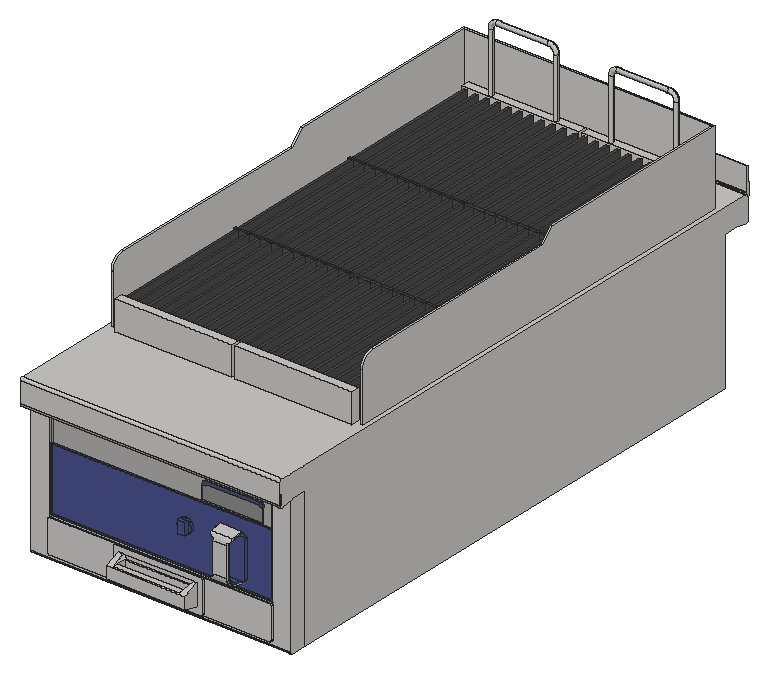
Revit family "QF_ELECTROLUXPROFESSIONAL_587191_PBOT15TVJO", category Specialty Equipment, Revit 2018
Family settings
  Round Connector Dimension = Use Diameter
  Part Type = Normal
  Work Plane-Based = No
  Always vertical = Yes
  Cut with Voids When Loaded = No
  Shared = No
  Room Calculation Point = No
Parameters (values of type "Standard")
  Weight = 260.00 kg
  Watts = 0 W
  Volts = 230 V
  URL Manufacturer = "http://professional.electrolux.com"
  URL = "http://professional.electrolux.com"
  Steam Supply Size = 1"
  Steam Supply Minimum Pressure = 0.000475846 psi
  Steam Supply Maximum Pressure = 0.000713768 psi
  Steam Consumption per Hour = 65
  Show Clearance [instance] = yes
  Refrigeration Suction Line Size = 0 mm
  Refrigeration Liquid Line Size = 0 mm
  Refrigerant Compressor Remote = yes
  Phase = 1
  Model = "PBOT15TVJO"
  Manufacturer = "Electrolux Professional"
  Length Actual = 1300 mm  # constant formula
  Item Number = "587191"
  Hot Water Size = 1/2"
  Height Actual = 400 mm  # constant formula
  HP = "0.3 HP"
  Gas Size = 0"
  Gas KW = 0
  Gas Input Pressure = 0.0 Btu/h
  Direct Waste Size = 0"
  Description = "STEAM(MAN)BOILING PAN, TILTING, 150L,230V,WALL,MARINE"
  Depth Actual = 900 mm  # constant formula
  Cycle = 50 Hz
  Condensate Return Size = 1"
  Compressed Air Volume = 0 GPM
  Compressed Air Size = 0"
  Compressed Air Pressure = 0.00 psi
  Cold Water Size = 1/2"
  Accessory = yes
Reference planes
  plane 1 "BACK": y = 0
  plane 2: z = 0
  plane 3 "LEFT": x = 0
  plane 4 "RIGHT": x = 400
  plane 5 "FRONT": y = -900
  plane 6 "TOP": z = 250
  plane 7: x = 200
  plane 8: y = -450
  plane 9: y = -1330
Forms (mm)
  Extrusion 1, solid, material "QF_Finishes_Stainless Steel"
    sketch origin (0, -487.128, 0) x (0, 1, 0) y (0, 0, 1)
      loop
        line (483.128, 250) -> (-408.872, 250)
        arc (-408.872, 250) -> (-411.7, 248.828) -> (-412.872, 246) r 4
        line (-412.872, 246) -> (-412.872, 214)
        arc (-412.872, 214) -> (-411.443, 210.936) -> (-408.177, 210.061) r 4
        line (-408.177, 210.061) -> (-391.509, 213) -> (-366.872, 213) -> (-366.872, 0) -> (441.128, 0) -> (441.128, 213) -> (465.765, 213) -> (482.433, 210.061)
        arc (482.433, 210.061) -> (485.699, 210.936) -> (487.128, 214) r 4
        line (487.128, 214) -> (487.128, 246)
        arc (487.128, 246) -> (485.956, 248.828) -> (483.128, 250) r 4
    from 0 to 400
  Extrusion 2, solid, material "QF_Finishes_Stainless Steel"
    sketch origin (0, -854, 0) x (1, 0, 0) y (0, -1, 0)
      loop
        circle (365, -264) r 6.35
    from 0 to 3.2
  Extrusion 3, solid, material "QF_Door-Drawer Clearances", visible <- "Show Clearance", detail levels coarse
    sketch origin (237.31, -881.593, 8.62) x (0, 0, 1) y (-1, 0, 0)
      loop
        line (1.973, -134.295) -> (49.317, -134.295)
        arc (49.317, -134.295) -> (50.776, -133.691) -> (51.38, -132.232) r 2.063
        line (51.38, -132.232) -> (51.38, 206.852)
        arc (51.38, 206.852) -> (50.88, 208.549) -> (49.541, 209.705) r 3.133
        line (49.541, 209.705) -> (3.067, 209.705)
        arc (3.067, 209.705) -> (0.898, 208.807) -> (0, 206.638) r 3.067
        line (0, 206.638) -> (0, -132.322)
        arc (0, -132.322) -> (0.578, -133.717) -> (1.973, -134.295) r 1.973
    from 0 to 448.407
  Extrusion 4, solid, material "QF_Clearances", visible <- "Show Clearance", detail levels coarse
    sketch origin (-178.969, -4572, 0) x (-1, 0, 0) y (0, -1, 0)
      loop
        line (-26.969, -3672) -> (-178.969, -3672) -> (-178.969, -4572) -> (-578.969, -4572) -> (-578.969, -3672) -> (-730.969, -3672) -> (-730.969, -4775) -> (-26.969, -4775) -> (-26.969, -3672)
    from 0 to 250
  Extrusion 5, solid, material "QF_Finishes_Stainless Steel"
    sketch origin (0, -950.048, 294.179) x (0, -1, 0) y (0, 0, -1)
      loop
        arc (-948.097, 42.179) -> (-947.511, 43.594) -> (-946.097, 44.179) r 2
        arc (-946.097, 44.179) -> (-948.877, 45.357) -> (-950.048, 48.185) r 4
        line (-950.048, 48.185) -> (-950.048, 6.179) -> (-948.097, 6.179) -> (-948.097, 42.179)
    from 0 to 400
Lines and regions (mm)
  symbolic lines
    curve 1: line (0, 0, 0) -> (400, 0, 0)
    curve 2: line (0, -900, 0) -> (0, 0, 0)
    curve 3: line (400, -900, 0) -> (0, -900, 0)
    curve 4: line (400, 0, 0) -> (400, -900, 0)
  symbolic lines, style "QF_Door-Drawer Clearances"
    curve 5: line (27.605, -1330, 0) -> (27.605, -900, 0)
    curve 6: line (27.605, -1330, 0) -> (371.605, -1330, 0)
    curve 7: line (371.605, -1330, 0) -> (371.605, -900, 0)
  symbolic lines, style "QF_Clearances", visible <- "Show Clearance", detail levels coarse
    curve 8: line (-152, 203, 0) -> (-152, -900, 0)
    curve 9: line (552, 203, 0) -> (-152, 203, 0)
    curve 10: line (552, -900, 0) -> (552, 203, 0)
  symbolic lines, style "SpecialityEquipment"
    curve 11: line (0, -1.951, 0) -> (400, -1.951, 0)
Dimensions and locks
  plane 3 "LEFT" to plane 4 "RIGHT" = 400 mm
  plane 5 "FRONT" to plane 1 "BACK" = 900 mm
  equal spacing: plane 3 "LEFT", plane 7, plane 4 "RIGHT"
  equal spacing: plane 5 "FRONT", plane 8, plane 1 "BACK"
  plane 6 "TOP" to level = 250 mm  (x2)
  plane 1 "BACK" to plane 5 "FRONT" = 900 mm
  Extrusion 2 sketch curve to plane 1 "BACK" = 590 mm
  Extrusion 2 sketch curve to plane 4 "RIGHT" = 35 mm
  plane 5 "FRONT" to plane 9 = 430 mm
  Extrusion 4 to plane 3 "LEFT" = 152 mm
  plane 4 "RIGHT" to Extrusion 4 = 152 mm
  plane 1 "BACK" to Extrusion 4 = 203 mm
  aligned and locked: level to plane 2
  aligned and locked: plane 7 to nested 1
  aligned and locked: Extrusion 3 to plane 9
  aligned and locked: plane 6 "TOP" to Extrusion 4
  aligned and locked: plane 7 to nested 2
  aligned and locked: Extrusion 5 to plane 4 "RIGHT"
Automatic sketch dimensions
  Extrusion 1 sketch curve to plane 5 "FRONT" = 0 mm
  Extrusion 1 sketch curve to plane 6 "TOP" = 0 mm
  Extrusion 1 sketch curve to level = 0 mm
  Extrusion 1 sketch curve to plane 1 "BACK" = 0 mm
  Extrusion 1 sketch curve to plane 6 "TOP" = 37 mm  (x2)
  Extrusion 1 sketch curve to plane 5 "FRONT" = 4 mm
  Extrusion 1 sketch curve to plane 5 "FRONT" = 21.363 mm
  Extrusion 1 sketch curve to plane 5 "FRONT" = 46 mm
  plane 1 "BACK" to Extrusion 1 sketch curve = 21.363 mm
  plane 1 "BACK" to Extrusion 1 sketch curve = 4 mm  (x2)
  Extrusion 1 sketch curve to Extrusion 1 sketch curve = 4 mm
  Extrusion 1 sketch curve to Extrusion 1 sketch curve = 0.695 mm
  Extrusion 1 sketch curve to Extrusion 1 sketch curve = 0 mm  (x4)
  plane 1 "BACK" to Extrusion 1 sketch curve = 4.695 mm
  Extrusion 1 sketch curve to Extrusion 1 sketch curve = 1 mm  (x2)
  plane 1 "BACK" to Extrusion 1 sketch curve = 46 mm
  Extrusion 3 sketch curve to nested 1 = 1.973 mm
  Extrusion 3 sketch curve to nested 1 = 2.853 mm
  Extrusion 3 sketch curve to nested 1 = 1.839 mm
  plane 1 "BACK" to Extrusion 4 sketch curve = 0 mm
  plane 5 "FRONT" to Extrusion 4 sketch curve = 0 mm  (x2)
  Extrusion 4 sketch curve to plane 4 "RIGHT" = 152 mm
  Extrusion 4 sketch curve to plane 1 "BACK" = 203 mm
  Extrusion 4 sketch curve to plane 3 "LEFT" = 152 mm
  Extrusion 4 sketch curve to plane 3 "LEFT" = 0 mm
  Extrusion 4 sketch curve to plane 4 "RIGHT" = 0 mm
  plane 1 "BACK" to curve 1 = 0 mm
  curve 1 to plane 4 "RIGHT" = 0 mm
  curve 7 to plane 9 = 0 mm
  curve 3 to plane 3 "LEFT" = 0 mm
  plane 5 "FRONT" to curve 3 = 0 mm
  plane 5 "FRONT" to curve 10 = 0 mm
  plane 5 "FRONT" to curve 8 = 0 mm
  curve 9 to plane 4 "RIGHT" = 152 mm
  plane 4 "RIGHT" to curve 7 = 28.395 mm
  plane 3 "LEFT" to curve 5 = 27.605 mm
  curve 8 to plane 3 "LEFT" = 152 mm
  curve 8 to plane 1 "BACK" = 203 mm
  curve 1 to curve 11 = 1.951 mm
  Extrusion 5 sketch curve to plane 1 "BACK" = 0 mm  (x2)
  Extrusion 5 sketch curve to plane 6 "TOP" = 2 mm
  Extrusion 5 sketch curve to plane 6 "TOP" = 0 mm
  Extrusion 5 sketch curve to Extrusion 5 sketch curve = 1.951 mm
  plane 6 "TOP" to Extrusion 5 sketch curve = 0.006 mm
  Extrusion 5 sketch curve to Extrusion 5 sketch curve = 0.049 mm
  Extrusion 5 sketch curve to Extrusion 5 sketch curve = 36 mm
  Extrusion 5 sketch curve to Extrusion 5 sketch curve = 0 mm
  radius of Extrusion 2 sketch curve = 6.35 mm
  radius of Extrusion 3 sketch curve to nested 1 = 0 mm  (x2)
Nested families
  nested 1: "GC_900_400 Front Panel with Center Grease Trap" at (202.376, -854, -650), type "GC_900_400 Front Panel with Center Grease Trap"
  nested 2: "GC_900_CharGrill" at (138.888, -5, 0), type "GC_900_CharGrill"
Connectors
  piping at (365, -590, -3.2), diameter 12.8
    settings: on Extrusion 2, index 1, connector inside diameter 0.50394", connector length 0 mm, flow factor 0, pipe flow 0 GPM, pressure drop 0.00 psi, fitting loss kfactor 0, connector angle 0.00°, fixture units 0, engagement length 0 mm, angle of deflection 0.00°, flow configuration 1, flow direction 1, fitting loss method 0, system type 7, joint type 0, gender type 0, connector reference index -1, connector utility 0, adjustable connector no, is connector primary yes, connector description "GAS CONNECTION"
Definition of nested family "GC_900_400 Front Panel with Center Grease Trap"
  Reference planes
    plane 1 "Center (Front/Back)": y = 0
    plane 2: z = 0
    plane 3 "Center (Left/Right)": x = -2.376
    plane 4: x = -202.376
    plane 5: x = 197.624
  Forms (mm)
    Extrusion 1, solid
      sketch origin (833.217, 829.203, -1.25) x (0, 1, 0) y (0, 0, 1)
        loop
          arc (-854.203, 654.25) -> (-853.324, 652.129) -> (-851.203, 651.25) r 3
          line (-851.203, 651.25) -> (-829.203, 651.25) -> (-829.203, 864.25) -> (-854.203, 864.25) -> (-854.203, 654.25)
      from -1035.593 to -635.593
    Extrusion 2, void
      sketch origin (33.217, 829.203, -1.25) x (1, 0, 0) y (0, 0, 1)
        loop
          line (-207.593, 855.116) -> (-207.593, 713.116) -> (136.407, 713.116) -> (136.407, 855.116) -> (-207.593, 855.116)
      from 848.59 to 854.203
    Extrusion 3, solid
      sketch origin (-166.718, -23.053, 847.184) x (0, 0, -1) y (1, 0, 0)
        loop
          circle (77.168, 200.901) r 11
      from 0 to 3.2
    Extrusion 4, solid
      sketch origin (-166.718, -26.253, 847.184) x (0, 0, -1) y (1, 0, 0)
        loop
          line (67.962, 195.586) -> (86.297, 195.586) -> (86.297, 206.217) -> (67.962, 206.217) -> (67.962, 195.586)
      from 0 to 6.4
  Cuts and joins
    Extrusion 2 cuts Extrusion 1
  Lines and regions (mm)
    symbolic lines
      curve 1: line (91.29, -48.326, 0) -> (91.29, -46, 0)
      curve 2: spline (96.959, -49.73, 0) -> (96.48, -49.657, 0) -> (96.002, -49.575, 0) -> (95.525, -49.486, 0) -> (95.049, -49.389, 0) -> (94.574, -49.283, 0) -> (94.101, -49.17, 0) -> (93.628, -49.049, 0) -> (93.158, -48.92, 0) -> (92.688, -48.783, 0) -> (92.22, -48.638, 0) -> (91.754, -48.486, 0) -> (91.29, -48.326, 0)
      curve 3: line (123.506, -48.326, 0) -> (123.506, -46, 0)
      curve 4: spline (123.506, -48.326, 0) -> (123.041, -48.486, 0) -> (122.575, -48.638, 0) -> (122.107, -48.783, 0) -> (121.638, -48.92, 0) -> (121.167, -49.049, 0) -> (120.695, -49.17, 0) -> (120.221, -49.283, 0) -> (119.746, -49.389, 0) -> (119.271, -49.486, 0) -> (118.794, -49.575, 0) -> (118.316, -49.657, 0) -> (117.837, -49.73, 0)
      curve 5: line (96.959, -49.73, 0) -> (117.837, -49.73, 0)
      curve 6: line (-54.768, -54.767, 0) -> (47.667, -54.767, 0)
      curve 7: line (47.667, -54.767, 0) -> (49.212, -46, 0)
      curve 8: line (-54.768, -54.767, 0) -> (-56.314, -46, 0)
  Dimensions and locks
    equal spacing: plane 5, plane 3 "Center (Left/Right)", plane 4
    plane 5 to plane 4 = 400 mm
    plane 5 to nested 1 = 90 mm
    aligned and locked: cut or joined group of Extrusion 1, Extrusion 2 to plane 4
    aligned and locked: plane 5 to cut or joined group of Extrusion 1, Extrusion 2
    aligned and locked: plane 3 "Center (Left/Right)" to nested 2
    aligned and locked: cut or joined group of Extrusion 1, Extrusion 2 to nested 2
    aligned and locked: plane 3 "Center (Left/Right)" to nested 3
  Automatic sketch dimensions
    curve 8 to plane 3 "Center (Left/Right)" = 52.392 mm
    plane 1 "Center (Front/Back)" to curve 8 = 54.767 mm
    plane 3 "Center (Left/Right)" to curve 6 = 50.042 mm
    curve 6 to curve 1 = 43.623 mm
    curve 1 to curve 5 = 5.669 mm
    curve 5 to curve 5 = 20.878 mm
    curve 5 to curve 3 = 5.669 mm
    curve 8 to curve 6 = 1.546 mm
    curve 6 to curve 7 = 1.546 mm
    plane 1 "Center (Front/Back)" to curve 2 = 6.899 mm
    curve 1 to curve 2 = 9.839 mm
    plane 1 "Center (Front/Back)" to curve 4 = 6.899 mm
    curve 2 to curve 4 = 12.538 mm
    curve 5 to curve 4 = 42.832 mm
    curve 2 to curve 1 = 1.405 mm
    curve 5 to curve 3 = 1.405 mm
    curve 3 to curve 3 = 2.326 mm
    curve 6 to curve 8 = 8.767 mm
    curve 2 to curve 1 = 2.326 mm
    curve 6 to curve 7 = 8.767 mm
    Extrusion 1 sketch curve to plane 1 "Center (Front/Back)" = 0 mm
    level to Extrusion 1 sketch curve = 650 mm
    Extrusion 1 sketch curve to Extrusion 1 sketch curve = 22 mm
    Extrusion 1 sketch curve to Extrusion 1 sketch curve = 3 mm
    Extrusion 1 sketch curve to Extrusion 1 sketch curve = 210 mm
    plane 4 to Extrusion 2 sketch curve = 28 mm
    level to Extrusion 2 sketch curve = 711.866 mm
    Extrusion 2 sketch curve to plane 5 = 28 mm
    Extrusion 2 sketch curve to Extrusion 2 sketch curve = 142 mm
    nested 2 to Extrusion 3 sketch curve = 40.144 mm
    Extrusion 3 sketch curve to nested 2 = 132.531 mm
    Extrusion 4 sketch curve to Extrusion 4 sketch curve = 18.335 mm
    Extrusion 4 sketch curve to Extrusion 4 sketch curve = 10.631 mm
    radius of Extrusion 3 sketch curve = 11 mm
  Nested families
    nested 1: "Range Control Handle" at (107.624, -28.137, -209.113) x (-1, 0, 0) z (0, 0, 1), type "Range Control Handle"
    nested 2: "glass conrol panel" at (-2.376, 280.644, 2.752), type "glass conrol panel"
    nested 3: "grease trap door" at (65.223, -25, 0.608) x (-1, 0, 0) z (0, 0, 1), type "grease trap door"
  Definition of nested family "Range Control Handle"
    Reference planes
      plane 1 "Center (Front/Back)": y = 0
      plane 2: z = 0
      plane 3 "Center (Left/Right)": x = 0
      plane 4: z = 971.092
    Forms (mm)
      Extrusion 1, solid
        sketch origin (-746.28, 380.497, 208.931) x (-1, 0, 0) y (0, 0, 1)
          loop
            line (-770.101, 786.798) -> (-770.101, 731.649)
            arc (-770.101, 731.649) -> (-769.759, 730.563) -> (-768.855, 729.87) r 1.893
            line (-768.855, 729.87) -> (-763.474, 727.911) -> (-729.81, 727.911) -> (-724.428, 729.87)
            arc (-724.428, 729.87) -> (-723.525, 730.563) -> (-723.183, 731.649) r 1.893
            line (-723.183, 731.649) -> (-723.183, 786.798)
            arc (-723.183, 786.798) -> (-723.529, 787.894) -> (-724.44, 788.593) r 1.91
            line (-724.44, 788.593) -> (-729.683, 790.819) -> (-763.601, 790.819) -> (-768.844, 788.593)
            arc (-768.844, 788.593) -> (-769.755, 787.894) -> (-770.101, 786.798) r 1.91
        from -382.35 to -378.852
      Sweep 2, solid
        path origin (-746.788, 380.496, 208.091) x (0, -1, 0) y (0, 0, 1)
          loop
            line (379.775, 793.281) -> (395.661, 791.048)
            arc (395.661, 791.048) -> (397.781, 787.377) -> (398.517, 783.202) r 12.207
            line (398.517, 783.202) -> (398.517, 737.368)
            arc (398.517, 737.368) -> (397.781, 733.193) -> (395.661, 729.522) r 12.207
            line (395.661, 729.522) -> (379.775, 727.289)
        profile origin (-746.788, -7.222, 1000.256) x (0, -0.139173, 0.990268) y (-1, 0, 0)
          loop
            line (0.782, -763.123) -> (0.782, -730.907) -> (-1.322, -730.907) -> (-1.322, -763.123) -> (0.782, -763.123)
      Sweep 3, solid
        path origin (-746.788, 380.715, 207.832) x (0, -1, 0) y (0, 0, 1)
          loop
            line (380.478, 795.442) -> (397.218, 793.09)
            arc (397.218, 793.09) -> (399.929, 788.473) -> (400.871, 783.202) r 15.207
            line (400.871, 783.202) -> (400.871, 737.584)
            arc (400.871, 737.584) -> (399.914, 732.274) -> (397.164, 727.633) r 15.207
            line (397.164, 727.633) -> (380.601, 725.305)
        profile origin (-746.788, -8.132, 1002.099) x (0, -0.139173, 0.990268) y (-1, 0, 0)
          loop
            line (0.782, -763.123) -> (0.782, -730.907) -> (-1.322, -730.907) -> (-1.322, -763.123) -> (0.782, -763.123)
      Extrusion 4, void
        sketch origin (889.253, 220.666, 207.993) x (1, 0, 0) y (0, 0, 1)
          loop
            line (-943.038, 816.854) -> (-943.038, 703.686) -> (-899.466, 734.196) -> (-899.466, 786.344) -> (-943.038, 816.854)
        from 230.636 to 242.25
      Extrusion 5, void
        sketch origin (-888.8, 220.666, 207.993) x (-1, 0, 0) y (0, 0, -1)
          loop
            line (-943.038, -816.854) -> (-899.466, -786.344) -> (-899.466, -734.196) -> (-943.038, -703.686) -> (-943.038, -816.854)
        from 230.636 to 242.25
      Extrusion 6, solid
        sketch origin (0, 0, 0) x (1, 0, 0) y (0, 0, 1)
          loop
            circle (0, 971.092) r 7.736
        from -3.137 to -1.645
    Cuts and joins
      Extrusion 4, Extrusion 5 cuts Sweep 3
      Extrusion 4, Extrusion 5 cuts Sweep 2
      joined: Extrusion 1, Extrusion 6
    Lines and regions (mm)
      symbolic lines
        curve 1: line (23.821, 1.645, 0) -> (-23.097, 1.645, 0)
        curve 2: line (16.334, -1.853, 0) -> (23.821, -1.853, 0)
        curve 3: line (-15.881, -19.189, 0) -> (-15.881, -1.853, 0)
        curve 4: line (-23.097, -1.853, 0) -> (-15.881, -1.853, 0)
        curve 5: line (16.334, -19.189, 0) -> (16.334, -1.853, 0)
        curve 6: spline (-15.881, -19.189, 0) -> (-15.417, -19.349, 0) -> (-14.951, -19.501, 0) -> (-14.483, -19.646, 0) -> (-14.014, -19.783, 0) -> (-13.543, -19.912, 0) -> (-13.071, -20.033, 0) -> (-12.597, -20.146, 0) -> (-12.122, -20.251, 0) -> (-11.646, -20.349, 0) -> (-11.169, -20.438, 0) -> (-10.691, -20.52, 0) -> (-10.213, -20.593, 0)
        curve 7: spline (10.666, -20.593, 0) -> (11.144, -20.52, 0) -> (11.622, -20.438, 0) -> (12.099, -20.349, 0) -> (12.575, -20.251, 0) -> (13.05, -20.146, 0) -> (13.524, -20.033, 0) -> (13.996, -19.912, 0) -> (14.467, -19.783, 0) -> (14.936, -19.646, 0) -> (15.404, -19.501, 0) -> (15.87, -19.349, 0) -> (16.334, -19.189, 0)
        curve 8: line (-10.213, -20.938, 0) -> (10.716, -20.938, 0)
        curve 9: line (-23.097, 1.645, 0) -> (-23.097, -1.853, 0)
        curve 10: line (23.821, 1.645, 0) -> (23.821, -1.853, 0)
  Definition of nested family "glass conrol panel"
    Reference planes
      plane 1 "Center (Front/Back)": y = 0
      plane 2: z = 0
      plane 3 "Center (Left/Right)": x = 0
    Forms (mm)
      Extrusion 1, solid
        sketch origin (378.286, 0, 0.617) x (1, 0, 0) y (0, 0, 1)
          loop
            line (-550.286, 806.791) -> (-550.286, 708.497) -> (-206.286, 708.497) -> (-206.286, 806.791) -> (-550.286, 806.791)
        from 300.031 to 304.8
      Extrusion 2, solid
        sketch origin (378.286, 0, 0.617) x (1, 0, 0) y (0, 0, 1)
          loop
            line (-550.286, 850.497) -> (-550.286, 806.791) -> (-206.286, 806.791) -> (-206.286, 850.497) -> (-550.286, 850.497)
        from 300.031 to 304.8
      Extrusion 3, void
        sketch origin (378.286, 0, 0.617) x (1, 0, 0) y (0, 0, 1)
          loop
            line (-547.628, 847.565) -> (-547.628, 710.699) -> (-209.196, 710.699) -> (-209.196, 847.565) -> (-547.628, 847.565)
        from 303.697 to 304.8
      Extrusion 4, solid
        sketch origin (-198.333, 1.101, -0.633) x (-1, 0, 0) y (0, 0, -1)
          loop
            line (-261.431, -812.62) -> (-355.186, -812.62) -> (-355.186, -834.177) -> (-350.269, -834.177) -> (-348.469, -835.977) -> (-268.039, -835.977) -> (-266.24, -834.177) -> (-261.431, -834.177) -> (-261.431, -812.62)
        from 304.798 to 306.745
      Extrusion 5, solid
        sketch origin (-198.333, 1.101, -0.633) x (-1, 0, 0) y (0, 0, -1)
          loop
            line (-350.269, -834.177) -> (-355.078, -834.177)
            arc (-355.078, -834.177) -> (-353.942, -838.747) -> (-349.686, -840.763) r 5.5
            line (-349.686, -840.763) -> (-266.98, -840.763)
            arc (-266.98, -840.763) -> (-262.706, -838.752) -> (-261.529, -834.177) r 5.549
            line (-261.529, -834.177) -> (-266.24, -834.177) -> (-268.039, -835.977) -> (-348.469, -835.977) -> (-350.269, -834.177)
        from 304.798 to 306.745
    Cuts and joins
      Extrusion 3 cuts Extrusion 1
      Extrusion 3 cuts Extrusion 2
    Dimensions and locks
      aligned and locked: Extrusion 1 to Extrusion 2
      aligned and locked: Extrusion 5 sketch curve to Extrusion 4  (x5)
      aligned and locked: Extrusion 5 to Extrusion 4
  Definition of nested family "grease trap door"
    Reference planes
      plane 1 "Center (Front/Back)": y = 0
      plane 2: z = 0
      plane 3 "Center (Left/Right)": x = 0
    Forms (mm)
      Extrusion 1, solid
        sketch origin (1627.55, 854.203, -1.25) x (1, 0, 0) y (0, 0, 1)
          loop
            arc (-1627.55, 661.235) -> (-1626.972, 659.84) -> (-1625.577, 659.262) r 1.973
            line (-1625.577, 659.262) -> (-1494.325, 659.262)
            arc (-1494.325, 659.262) -> (-1492.156, 660.16) -> (-1491.258, 662.329) r 3.067
            line (-1491.258, 662.329) -> (-1491.258, 708.803)
            arc (-1491.258, 708.803) -> (-1492.414, 710.143) -> (-1494.111, 710.642) r 3.133
            line (-1494.111, 710.642) -> (-1625.486, 710.642)
            arc (-1625.486, 710.642) -> (-1626.945, 710.038) -> (-1627.55, 708.579) r 2.063
            line (-1627.55, 708.579) -> (-1627.55, 661.235)
        from 856.795 to 859.203
      Extrusion 2, solid
        sketch origin (445.874, 2476.61, 0) x (0, 1, 0) y (0, 0, 1)
          loop
            line (-2506.377, 675.273) -> (-2481.61, 667.505) -> (-2481.61, 700.995) -> (-2506.377, 693.227) -> (-2506.377, 675.273)
        from -437.68 to -317.68
      Extrusion 3, void
        sketch origin (1627.55, 854.203, -1.25) x (1, 0, 0) y (0, 0, 1)
          loop
            line (-1614.883, 703) -> (-1610.542, 695.433) -> (-1508.17, 695.433) -> (-1503.828, 703) -> (-1614.883, 703)
          loop
            line (-1614.883, 668) -> (-1502.669, 668) -> (-1507.01, 675.567) -> (-1610.542, 675.567) -> (-1614.883, 668)
        from 832.916 to 883.97
      Extrusion 4, void
        sketch origin (447.55, 854.203, -1.25) x (1, 0, 0) y (0, 0, 1)
          loop
            line (-430.542, 695.433) -> (-430.542, 675.567) -> (-328.17, 675.567) -> (-328.17, 695.433) -> (-430.542, 695.433)
        from 859.203 to 874.202
      Extrusion 5, solid
        sketch origin (1627.55, 854.203, -1.25) x (1, 0, 0) y (0, 0, 1)
          loop
            arc (-1731.556, 661.235) -> (-1730.978, 659.84) -> (-1729.583, 659.262) r 1.973
            line (-1729.583, 659.262) -> (-1390.623, 659.262)
            arc (-1390.623, 659.262) -> (-1388.454, 660.16) -> (-1387.556, 662.329) r 3.067
            line (-1387.556, 662.329) -> (-1387.556, 708.803)
            arc (-1387.556, 708.803) -> (-1388.712, 710.143) -> (-1390.409, 710.642) r 3.133
            line (-1390.409, 710.642) -> (-1729.493, 710.642)
            arc (-1729.493, 710.642) -> (-1730.952, 710.038) -> (-1731.556, 708.579) r 2.063
            line (-1731.556, 708.579) -> (-1731.556, 661.235)
        from 854.203 to 856.795
    Cuts and joins
      Extrusion 3 cuts Extrusion 1
      Extrusion 3, Extrusion 4 cuts Extrusion 2
      joined: Extrusion 1, Extrusion 2
    Lines and regions (mm)
      symbolic lines
        curve 1: line (0, -2.593, 0) -> (136.292, -2.593, 0)
        curve 2: line (17.557, -29.767, 0) -> (12.667, -2.593, 0)
        curve 3: line (17.557, -29.767, 0) -> (119.991, -29.767, 0)
        curve 4: line (119.991, -29.767, 0) -> (124.881, -2.593, 0)
        curve 5: line (68.146, -2.593, 0) -> (68.146, -29.767, 0)
      model lines
        curve 6: line (67.599, 0, 658.012) -> (67.599, 0, 709.392)
    Dimensions and locks
      aligned and locked: Extrusion 2 to Extrusion 1
      aligned and locked: Extrusion 3 to Extrusion 2
      aligned and locked: Extrusion 4 to Extrusion 1
Definition of nested family "GC_900_CharGrill"
  Parameters
    Width [instance] = 400 mm
    No. of Rails [instance] = 2
    Grill Width [instance] = 180 mm
  Reference planes
    plane 1 "Center (Front/Back)": y = 0
    plane 2: z = 0
    plane 3 "Center (Left/Right)": x = -138.888
    plane 4: y = -900
    plane 5: x = 261.112
    plane 6: x = 61.112
    plane 7: y = -450
    plane 8: z = 250
    plane 9: x = -132.538
    plane 10: x = 254.762
    plane 11: y = -53.75
  Forms (mm)
    Extrusion 1, solid
      sketch origin (-132.538, 36.469, 1219.2) x (0, 1, 0) y (0, 0, 1)
        loop
          line (-90.219, -969.2) -> (-90.219, -854.2) -> (-400.219, -854.2) -> (-419.147, -873.128) -> (-744.324, -873.128)
          arc (-744.324, -873.128) -> (-758.466, -878.986) -> (-764.324, -893.128) r 20
          line (-764.324, -893.128) -> (-764.324, -969.2) -> (-90.219, -969.2)
      from 0 to 3.2
    Extrusion 2, solid
      sketch origin (254.762, 36.469, 1219.2) x (0, 1, 0) y (0, 0, -1)
        loop
          line (-90.219, 969.2) -> (-764.324, 969.2) -> (-764.324, 893.128)
          arc (-764.324, 893.128) -> (-758.466, 878.986) -> (-744.324, 873.128) r 20
          line (-744.324, 873.128) -> (-419.147, 873.128) -> (-400.219, 854.2) -> (-90.219, 854.2) -> (-90.219, 969.2)
      from 0 to 3.2
    Extrusion 3, solid
      sketch origin (-132.538, -53.75, 1219.2) x (-1, 0, 0) y (0, 0, 1)
        loop
          line (-387.3, -854.2) -> (-387.3, -969.2) -> (0, -969.2) -> (0, -854.2) -> (-387.3, -854.2)
      from 0 to 3.2
  Cuts and joins
    joined: Extrusion 1, Extrusion 2, Extrusion 3
  Lines and regions (mm)
    symbolic lines
      curve 1: line (254.762, -50.55, 0) -> (-132.538, -50.55, 0)
      curve 2: line (-132.538, -50.55, 0) -> (-132.538, -363.75, 0)
      curve 3: line (-132.538, -363.75, 0) -> (-129.338, -363.75, 0)
      curve 4: line (-129.338, -363.75, 0) -> (-129.338, -53.75, 0)
      curve 5: line (-129.338, -53.75, 0) -> (251.562, -53.75, 0)
      curve 6: line (251.562, -53.75, 0) -> (251.562, -363.75, 0)
      curve 7: line (251.562, -363.75, 0) -> (254.762, -363.75, 0)
      curve 8: line (254.762, -363.75, 0) -> (254.762, -50.55, 0)
  Dimensions and locks
    "Width": plane 3 "Center (Left/Right)" to plane 5
    plane 4 to plane 1 "Center (Front/Back)" = 900 mm
    equal spacing: plane 3 "Center (Left/Right)", plane 6, plane 5
    equal spacing: plane 4, plane 7, plane 1 "Center (Front/Back)"
    plane 8 to level = 250 mm
    locked: plane 3 "Center (Left/Right)" to plane 9 at 6.35
    locked: plane 10 to plane 5 at 6.35
    locked: nested 1 to plane 3 "Center (Left/Right)" at 17.5
    group 1 to group 2 = 185 mm
    group 1 to group 2 = 0 mm  (x2)
    locked: plane 5 to nested 2 at 17.5
  Automatic sketch dimensions
    Extrusion 1 sketch curve to plane 8 = 0 mm
    Extrusion 1 sketch curve to plane 4 = 172.145 mm
    plane 8 to Extrusion 1 sketch curve = 76.072 mm
    Extrusion 1 sketch curve to Extrusion 1 sketch curve = 20 mm
    plane 7 to Extrusion 1 sketch curve = 67.322 mm
    Extrusion 1 sketch curve to Extrusion 1 sketch curve = 18.928 mm  (x2)
    plane 1 "Center (Front/Back)" to Extrusion 1 sketch curve = 53.75 mm
    Extrusion 2 sketch curve to plane 8 = 0 mm
    plane 4 to Extrusion 2 sketch curve = 172.145 mm
    Extrusion 2 sketch curve to plane 8 = 76.072 mm
    Extrusion 2 sketch curve to Extrusion 2 sketch curve = 20 mm
    Extrusion 2 sketch curve to plane 7 = 67.322 mm
    Extrusion 2 sketch curve to Extrusion 2 sketch curve = 18.928 mm  (x2)
    Extrusion 2 sketch curve to plane 1 "Center (Front/Back)" = 53.75 mm
    Extrusion 3 sketch curve to plane 8 = 0 mm
    plane 10 to Extrusion 3 sketch curve = 0 mm
    Extrusion 3 sketch curve to plane 9 = 0 mm
    plane 8 to Extrusion 3 sketch curve = 115 mm
    curve 1 to plane 9 = 0 mm
    curve 5 to plane 11 = 0 mm
    curve 1 to plane 10 = 0 mm
    plane 7 to curve 8 = 86.25 mm
    plane 9 to curve 5 = 3.2 mm
    plane 10 to curve 5 = 3.2 mm
    plane 7 to curve 2 = 86.25 mm
    plane 11 to curve 1 = 3.2 mm
  Nested families
    nested 1: "Grill" at (17.5, -55, 250), Width <- "Grill Width", type "Grill"
    nested 2: "Grill" at (202.5, -55, 250), Width <- "Grill Width", type "Grill"
      with Width 180 mm
  Definition of nested family "Grill"
    Parameters
      Width [instance] = 180 mm
    Reference planes
      plane 1 "Center (Front/Back)": y = 0
      plane 2: z = 0
      plane 3 "Center (Left/Right)": x = -138.888
      plane 4: y = -680
      plane 5: x = 41.112
      plane 6: x = -48.888
      plane 7: y = -340
      plane 8: z = 150
      plane 9: x = -133.888
      plane 10: x = 36.112
      plane 11: x = -116.888
      plane 12: x = -99.888
      plane 13: x = -82.888
      plane 14: x = -65.888
      plane 15: x = -48.888
      plane 16: x = -31.888
      plane 17: x = -14.888
      plane 18: x = 2.112
      plane 19: x = 19.112
    Forms (mm)
      Extrusion 1, solid
        sketch origin (0, 0, 0) x (1, 0, 0) y (0, 0, 1)
          loop
            line (41.112, 0) -> (41.112, 45) -> (-138.888, 45) -> (-138.888, 0) -> (41.112, 0)
        from 0 to 12.7
      Extrusion 2, solid
        sketch origin (414.497, -680, 1219.2) x (1, 0, 0) y (0, 0, 1)
          loop
            line (-373.385, -1219.2) -> (-373.385, -1174.2) -> (-553.385, -1174.2) -> (-553.385, -1219.2) -> (-373.385, -1219.2)
        from 0 to -12.7
      Sweep 3, solid
        path origin (-132.538, -6.35, 1219.2) x (-1, 0, 0) y (0, 0, 1)
          loop
            line (-33.65, -1174.2) -> (-33.65, -1082.375)
            arc (-33.65, -1082.375) -> (-36.579, -1075.304) -> (-43.65, -1072.375) r 10
            line (-43.65, -1072.375) -> (-123.65, -1072.375)
            arc (-123.65, -1072.375) -> (-130.721, -1075.304) -> (-133.65, -1082.375) r 10
            line (-133.65, -1082.375) -> (-133.65, -1174.2)
        profile origin (-98.888, -6.35, 90.912) x (1, 0, 0) y (0, 1, 0)
          loop
            circle (0, 0) r 3.175
      Extrusion 4, solid
        sketch origin (-1.925, -12.7, -4.375) x (1, 0, 0) y (0, 0, 1)
          loop
            line (-133.955, 46.301) -> (-134.968, 31.301) -> (-128.957, 31.301) -> (-129.97, 46.301) -> (-133.955, 46.301)
        from 0 to 654.6
      Extrusion 5, solid
        sketch origin (168.075, -12.7, -4.375) x (1, 0, 0) y (0, 0, 1)
          loop
            line (-133.955, 46.301) -> (-134.968, 31.301) -> (-128.957, 31.301) -> (-129.97, 46.301) -> (-133.955, 46.301)
        from 0 to 654.6
      Extrusion 6, solid
        sketch origin (15.075, -12.7, -4.375) x (1, 0, 0) y (0, 0, 1)
          loop
            line (-133.955, 46.301) -> (-134.968, 31.301) -> (-128.957, 31.301) -> (-129.97, 46.301) -> (-133.955, 46.301)
        from 0 to 654.6
      Extrusion 7, solid
        sketch origin (32.075, -12.7, -4.375) x (1, 0, 0) y (0, 0, 1)
          loop
            line (-133.955, 46.301) -> (-134.968, 31.301) -> (-128.957, 31.301) -> (-129.97, 46.301) -> (-133.955, 46.301)
        from 0 to 654.6
      Extrusion 8, solid
        sketch origin (49.075, -12.7, -4.375) x (1, 0, 0) y (0, 0, 1)
          loop
            line (-133.955, 46.301) -> (-134.968, 31.301) -> (-128.957, 31.301) -> (-129.97, 46.301) -> (-133.955, 46.301)
        from 0 to 654.6
      Extrusion 9, solid
        sketch origin (66.075, -12.7, -4.375) x (1, 0, 0) y (0, 0, 1)
          loop
            line (-133.955, 46.301) -> (-134.968, 31.301) -> (-128.957, 31.301) -> (-129.97, 46.301) -> (-133.955, 46.301)
        from 0 to 654.6
      Extrusion 10, solid
        sketch origin (83.075, -12.7, -4.375) x (1, 0, 0) y (0, 0, 1)
          loop
            line (-133.955, 46.301) -> (-134.968, 31.301) -> (-128.957, 31.301) -> (-129.97, 46.301) -> (-133.955, 46.301)
        from 0 to 654.6
      Extrusion 11, solid
        sketch origin (100.075, -12.7, -4.375) x (1, 0, 0) y (0, 0, 1)
          loop
            line (-133.955, 46.301) -> (-134.968, 31.301) -> (-128.957, 31.301) -> (-129.97, 46.301) -> (-133.955, 46.301)
        from 0 to 654.6
      Extrusion 12, solid
        sketch origin (117.075, -12.7, -4.375) x (1, 0, 0) y (0, 0, 1)
          loop
            line (-133.955, 46.301) -> (-134.968, 31.301) -> (-128.957, 31.301) -> (-129.97, 46.301) -> (-133.955, 46.301)
        from 0 to 654.6
      Extrusion 13, solid
        sketch origin (134.075, -12.7, -4.375) x (1, 0, 0) y (0, 0, 1)
          loop
            line (-133.955, 46.301) -> (-134.968, 31.301) -> (-128.957, 31.301) -> (-129.97, 46.301) -> (-133.955, 46.301)
        from 0 to 654.6
      Extrusion 14, solid
        sketch origin (151.075, -12.7, -4.375) x (1, 0, 0) y (0, 0, 1)
          loop
            line (-133.955, 46.301) -> (-134.968, 31.301) -> (-128.957, 31.301) -> (-129.97, 46.301) -> (-133.955, 46.301)
        from 0 to 654.6
      Extrusion 15, solid
        sketch origin (-138.888, -110, 0) x (0, 1, 0) y (0, 0, 1)
          loop
            line (-341.993, 41.926) -> (-343.006, 26.926) -> (-336.994, 26.926) -> (-338.007, 41.926) -> (-341.993, 41.926)
          loop
            line (-121.993, 41.926) -> (-123.006, 26.926) -> (-116.994, 26.926) -> (-118.007, 41.926) -> (-121.993, 41.926)
        from 0 to 180
    Lines and regions (mm)
      symbolic lines
        curve 1: line (-136.894, -12.7, 0) -> (-136.894, -667.3, 0)
        curve 2: line (-130.882, -12.7, 0) -> (-130.882, -667.3, 0)
        curve 3: line (33.106, -12.7, 0) -> (33.106, -667.3, 0)
        curve 4: line (39.118, -12.7, 0) -> (39.118, -667.3, 0)
        curve 5: line (-119.894, -12.7, 0) -> (-119.894, -667.3, 0)
        curve 6: line (-113.882, -12.7, 0) -> (-113.882, -667.3, 0)
        curve 7: line (-102.894, -12.7, 0) -> (-102.894, -667.3, 0)
        curve 8: line (-96.882, -12.7, 0) -> (-96.882, -667.3, 0)
        curve 9: line (-85.894, -12.7, 0) -> (-85.894, -667.3, 0)
        curve 10: line (-79.882, -12.7, 0) -> (-79.882, -667.3, 0)
        curve 11: line (-68.894, -12.7, 0) -> (-68.894, -667.3, 0)
        curve 12: line (-62.882, -12.7, 0) -> (-62.882, -667.3, 0)
        curve 13: line (-51.894, -12.7, 0) -> (-51.894, -667.3, 0)
        curve 14: line (-45.882, -12.7, 0) -> (-45.882, -667.3, 0)
        curve 15: line (-34.894, -12.7, 0) -> (-34.894, -667.3, 0)
        curve 16: line (-28.882, -12.7, 0) -> (-28.882, -667.3, 0)
        curve 17: line (-17.894, -12.7, 0) -> (-17.894, -667.3, 0)
        curve 18: line (-11.882, -12.7, 0) -> (-11.882, -667.3, 0)
        curve 19: line (-0.894, -12.7, 0) -> (-0.894, -667.3, 0)
        curve 20: line (5.118, -12.7, 0) -> (5.118, -667.3, 0)
        curve 21: line (16.106, -12.7, 0) -> (16.106, -667.3, 0)
        curve 22: line (22.118, -12.7, 0) -> (22.118, -667.3, 0)
        curve 23: line (-98.888, -3.175, 0) -> (1.112, -3.175, 0)
        curve 24: line (1.112, -9.525, 0) -> (-98.888, -9.525, 0)
        curve 25: arc (-98.888, -3.175, 0) -> (-102.063, -6.35, 0) -> (-98.888, -9.525, 0) r 3.175
        curve 26: arc (1.112, -3.175, 0) -> (4.287, -6.35, 0) -> (1.112, -9.525, 0) r 3.175
        curve 27: line (-138.888, 0, 0) -> (41.112, 0, 0)
        curve 28: line (-138.888, -12.7, 0) -> (-138.888, 0, 0)
        curve 29: line (41.112, -12.7, 0) -> (-138.888, -12.7, 0)
        curve 30: line (41.112, 0, 0) -> (41.112, -12.7, 0)
        curve 31: line (-138.888, -667.3, 0) -> (41.112, -667.3, 0)
        curve 32: line (-138.888, -680, 0) -> (-138.888, -667.3, 0)
        curve 33: line (41.112, -680, 0) -> (-138.888, -680, 0)
        curve 34: line (41.112, -667.3, 0) -> (41.112, -680, 0)
    Dimensions and locks
      "Width": plane 3 "Center (Left/Right)" to plane 5
      plane 4 to plane 1 "Center (Front/Back)" = 680 mm  (x2)
      equal spacing: plane 3 "Center (Left/Right)", plane 6, plane 5
      equal spacing: plane 4, plane 7, plane 1 "Center (Front/Back)"
      plane 8 to level = 150 mm
      equal spacing: group 1, group 3, group 4, group 5, group 6, group 7, group 8, group 9, group 10, group 11, group 2  (x3)
      locked: plane 9 to plane 3 "Center (Left/Right)" at 5
      locked: plane 5 to plane 10 at 5
      aligned and locked: plane 5 to Extrusion 15
    Automatic sketch dimensions
      Extrusion 4 sketch curve to Extrusion 4 sketch curve = 15 mm
      Extrusion 4 sketch curve to Extrusion 4 sketch curve = 1.013 mm
      Extrusion 4 sketch curve to Extrusion 4 sketch curve = 3.985 mm
      Extrusion 4 sketch curve to Extrusion 4 sketch curve = 6.011 mm
      Extrusion 5 sketch curve to Extrusion 5 sketch curve = 15 mm
      Extrusion 5 sketch curve to Extrusion 5 sketch curve = 1.013 mm
      Extrusion 5 sketch curve to Extrusion 5 sketch curve = 3.985 mm
      Extrusion 5 sketch curve to Extrusion 5 sketch curve = 6.011 mm
      Extrusion 6 sketch curve to Extrusion 6 sketch curve = 15 mm
      Extrusion 6 sketch curve to Extrusion 6 sketch curve = 1.013 mm
      Extrusion 6 sketch curve to Extrusion 6 sketch curve = 3.985 mm
      Extrusion 6 sketch curve to Extrusion 6 sketch curve = 6.011 mm
      Extrusion 7 sketch curve to Extrusion 7 sketch curve = 15 mm
      Extrusion 7 sketch curve to Extrusion 7 sketch curve = 1.013 mm
      Extrusion 7 sketch curve to Extrusion 7 sketch curve = 3.985 mm
      Extrusion 7 sketch curve to Extrusion 7 sketch curve = 6.011 mm
      Extrusion 8 sketch curve to Extrusion 8 sketch curve = 15 mm
      Extrusion 8 sketch curve to Extrusion 8 sketch curve = 1.013 mm
      Extrusion 8 sketch curve to Extrusion 8 sketch curve = 3.985 mm
      Extrusion 8 sketch curve to Extrusion 8 sketch curve = 6.011 mm
      Extrusion 9 sketch curve to Extrusion 9 sketch curve = 15 mm
      Extrusion 9 sketch curve to Extrusion 9 sketch curve = 1.013 mm
      Extrusion 9 sketch curve to Extrusion 9 sketch curve = 3.985 mm
      Extrusion 9 sketch curve to Extrusion 9 sketch curve = 6.011 mm
      Extrusion 10 sketch curve to Extrusion 10 sketch curve = 15 mm
      Extrusion 10 sketch curve to Extrusion 10 sketch curve = 1.013 mm
      Extrusion 10 sketch curve to Extrusion 10 sketch curve = 3.985 mm
      Extrusion 10 sketch curve to Extrusion 10 sketch curve = 6.011 mm
      Extrusion 11 sketch curve to Extrusion 11 sketch curve = 15 mm
      Extrusion 11 sketch curve to Extrusion 11 sketch curve = 1.013 mm
      Extrusion 11 sketch curve to Extrusion 11 sketch curve = 3.985 mm
      Extrusion 11 sketch curve to Extrusion 11 sketch curve = 6.011 mm
      Extrusion 12 sketch curve to Extrusion 12 sketch curve = 15 mm
      Extrusion 12 sketch curve to Extrusion 12 sketch curve = 1.013 mm
      Extrusion 12 sketch curve to Extrusion 12 sketch curve = 3.985 mm
      Extrusion 12 sketch curve to Extrusion 12 sketch curve = 6.011 mm
      Extrusion 13 sketch curve to Extrusion 13 sketch curve = 15 mm
      Extrusion 13 sketch curve to Extrusion 13 sketch curve = 1.013 mm
      Extrusion 13 sketch curve to Extrusion 13 sketch curve = 3.985 mm
      Extrusion 13 sketch curve to Extrusion 13 sketch curve = 6.011 mm
      Extrusion 14 sketch curve to Extrusion 14 sketch curve = 15 mm
      Extrusion 14 sketch curve to Extrusion 14 sketch curve = 1.013 mm
      Extrusion 14 sketch curve to Extrusion 14 sketch curve = 3.985 mm
      Extrusion 14 sketch curve to Extrusion 14 sketch curve = 6.011 mm
      Extrusion 1 sketch curve to level = 0 mm
      Extrusion 1 sketch curve to plane 3 "Center (Left/Right)" = 0 mm
      Extrusion 1 sketch curve to plane 5 = 0 mm
      level to Extrusion 1 sketch curve = 45 mm
      Extrusion 2 sketch curve to level = 0 mm
      Extrusion 2 sketch curve to plane 3 "Center (Left/Right)" = 0 mm
      Extrusion 2 sketch curve to plane 5 = 0 mm
      level to Extrusion 2 sketch curve = 45 mm
      Sweep 3 sketch curve to plane 8 = 13.175 mm
      Sweep 3 sketch curve to plane 8 = 3.175 mm
      Sweep 3 sketch curve to Sweep 3 sketch curve = 10 mm
      Sweep 3 sketch curve to plane 6 = 40 mm
      level to Sweep 3 sketch curve = 45 mm  (x2)
      Sweep 3 sketch curve to profile plane = 0 mm  (x2)
      level to Extrusion 15 sketch curve = 26.926 mm  (x2)
      Extrusion 15 sketch curve to Extrusion 15 sketch curve = 15 mm  (x2)
      plane 7 to Extrusion 15 sketch curve = 106.994 mm
      Extrusion 15 sketch curve to Extrusion 15 sketch curve = 1.013 mm  (x2)
      Extrusion 15 sketch curve to Extrusion 15 sketch curve = 3.985 mm  (x2)
      Extrusion 15 sketch curve to Extrusion 15 sketch curve = 6.011 mm  (x2)
      Extrusion 15 sketch curve to plane 7 = 113.006 mm
      plane 1 "Center (Front/Back)" to curve 28 = 0 mm
      curve 28 to plane 3 "Center (Left/Right)" = 0 mm
      curve 33 to plane 3 "Center (Left/Right)" = 0 mm
      curve 34 to plane 5 = 0 mm
      curve 29 to plane 5 = 0 mm
      plane 4 to curve 34 = 0 mm
      plane 1 "Center (Front/Back)" to curve 24 = 9.525 mm
      plane 9 to curve 24 = 35 mm
      plane 1 "Center (Front/Back)" to curve 23 = 3.175 mm
      curve 33 to curve 34 = 12.7 mm
      plane 1 "Center (Front/Back)" to curve 29 = 12.7 mm
      curve 1 to curve 2 = 6.011 mm
      curve 1 to curve 2 = 0 mm  (x2)
      curve 2 to curve 2 = 654.6 mm
      curve 3 to curve 4 = 6.011 mm
      curve 3 to curve 4 = 0 mm  (x2)
      curve 4 to curve 4 = 654.6 mm
      curve 5 to curve 6 = 6.011 mm
      curve 5 to curve 6 = 0 mm  (x2)
      curve 6 to curve 6 = 654.6 mm
      curve 7 to curve 8 = 6.011 mm
      curve 7 to curve 8 = 0 mm  (x2)
      curve 8 to curve 8 = 654.6 mm
      curve 9 to curve 10 = 6.011 mm
      curve 9 to curve 10 = 0 mm  (x2)
      curve 10 to curve 10 = 654.6 mm
      curve 11 to curve 12 = 6.011 mm
      curve 11 to curve 12 = 0 mm  (x2)
      curve 12 to curve 12 = 654.6 mm
      curve 13 to curve 14 = 6.011 mm
      curve 13 to curve 14 = 0 mm  (x2)
      curve 14 to curve 14 = 654.6 mm
      curve 15 to curve 16 = 6.011 mm
      curve 15 to curve 16 = 0 mm  (x2)
      curve 16 to curve 16 = 654.6 mm
      curve 17 to curve 18 = 6.011 mm
      curve 17 to curve 18 = 0 mm  (x2)
      curve 18 to curve 18 = 654.6 mm
      curve 19 to curve 20 = 6.011 mm
      curve 19 to curve 20 = 0 mm  (x2)
      curve 20 to curve 20 = 654.6 mm
      curve 21 to curve 22 = 6.011 mm
      curve 21 to curve 22 = 0 mm  (x2)
      curve 22 to curve 22 = 654.6 mm
      curve 23 to plane 5 = 40 mm
      Sweep 3 sketch curve to plane 5 = 40 mm
      radius of Sweep 3 sketch curve = 3.175 mm
